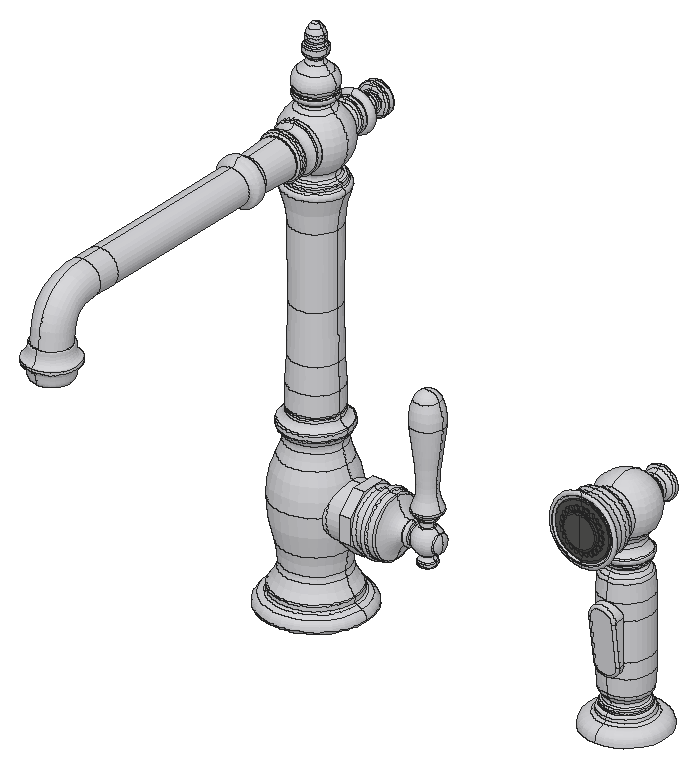
Revit family "Faucet-Kitchen_Sink-KOHLER-Artifacts-K-99265", category Plumbing Fixtures, host Face, Revit 2015 (continued)
Definition of nested family "K-99265_Spray"
  Lines and regions (in)
    symbolic lines, detail levels medium+fine
      curve 29: arc (0.58913, -0.46962, 0) -> (0.75454, 0.0004, 0) -> (0.58913, 0.47042, 0) r 0.75051
      curve 30: arc (0.58913, 0.47042, 0) -> (0.48943, 0.57327, 0) -> (0.3724, 0.65588, 0) r 0.7702
      curve 31: line (0.01976, 1.20727, 0) -> (0.01976, 0.74968, 0)
      curve 32: arc (0.01976, 1.20727, 0) -> (0.01449, 1.22752, 0) -> (0, 1.24261, 0) r 0.04147
      curve 33: line (0.70981, 0, 0.31331) -> (-0.70981, 0, 0.31331)
      curve 34: line (0.52584, 0, 0.49994) -> (-0.52584, 0, 0.49994)
      curve 35: line (0.55343, 0, 3.90759) -> (-0.55343, 0, 3.90759)
      curve 36: line (0.55343, 0, 3.96076) -> (-0.55343, 0, 3.96076)
      curve 37: line (0.58863, 0, 4.08708) -> (-0.58863, 0, 4.08708)
      curve 38: circle (0, 0, 5.08666) r 0.17573 normal (0, -1, 0)
      curve 39: circle (0, 0, 5.08588) r 0.30268 normal (0, -1, 0)
      curve 40: line (0.42857, 0, 4.33618) -> (-0.42857, 0, 4.33618)
      curve 41: line (0.42674, 0, 4.45337) -> (-0.42674, 0, 4.45337)
      curve 42: arc (0.42923, 0, 4.43084) -> (0, 0, 5.87045) -> (-0.42923, 0, 4.43084) r 0.78379
      curve 43: arc (0.42857, 0, 4.33618) -> (0.43109, 0, 4.39483) -> (0.42674, 0, 4.45337) r 0.50139
      curve 44: arc (-0.42857, 0, 4.33618) -> (-0.43092, 0, 4.4024) -> (-0.4245, 0, 4.46835) r 0.50139
      curve 45: arc (0.4018, 0, 4.45337) -> (0.0136, 0, 5.83653) -> (-0.4245, 0, 4.46835) r 0.75
      curve 46: line (0, 1.20727, 4.78453) -> (0, 1.20727, 5.38879)
      curve 47: line (0, 0.74971, 5.38205) -> (0, 0.74971, 4.78949)
      curve 48: line (0, 0.65215, 5.46169) -> (0, 0.65215, 4.70703)
      curve 49: line (0, -0.46568, 5.67579) -> (0, -0.48821, 4.49752)
      curve 50: line (0, -0.62992, 5.65106) -> (0, -0.62992, 4.52225)
      curve 51: line (0, -0.60824, 5.67579) -> (0, -0.60824, 4.49743)
      curve 52: line (0, -1.43429, 5.50946) -> (0, -1.43429, 4.66385)
      curve 53: line (0, -0.44458, 4.41801) -> (0, 0.44458, 4.41801)
      curve 54: line (0, 0.55347, 3.96076) -> (0, -0.5534, 3.96076)
      curve 55: line (0, 0.55347, 3.90759) -> (0, -0.55347, 3.90759)
      curve 56: line (0, 0.58867, 4.08708) -> (0, -0.5886, 4.08708)
      curve 57: line (0, 0.70126, 0.31331) -> (0, -0.70977, 0.31331)
      curve 58: line (0, 0.53121, 0.50077) -> (0, -0.53121, 0.50077)
      curve 59: line (0, -0.61705, 3.11366) -> (0, -0.61705, 1.36366)
  Dimensions and locks (in)
    aligned and locked: plane 2 to level
Types (5): name | Type | Model | Finish
  (no name) | 1 | "K-99265-CP" | Kohler-Metal-CP-Polished_Chrome
  CP- Polished Chrome | 1 | "K-99265-CP" | Kohler-Metal-CP-Polished_Chrome
  SN- Vibrant Polished Nickel | 2 | "K-99265-SN" | Kohler-Metal-SN-Vibrant_Polished_Nickel
  VS- Vibrant Stainless | 3 | "K-99265-VS" | Kohler-Metal-VS-Vibrant_Stainless
  2BZ- Oil- Rubbed Bronze | 4 | "K-99265-2BZ" | Kohler-Metal-2BZ-Oil_Rubbed_Bronze
